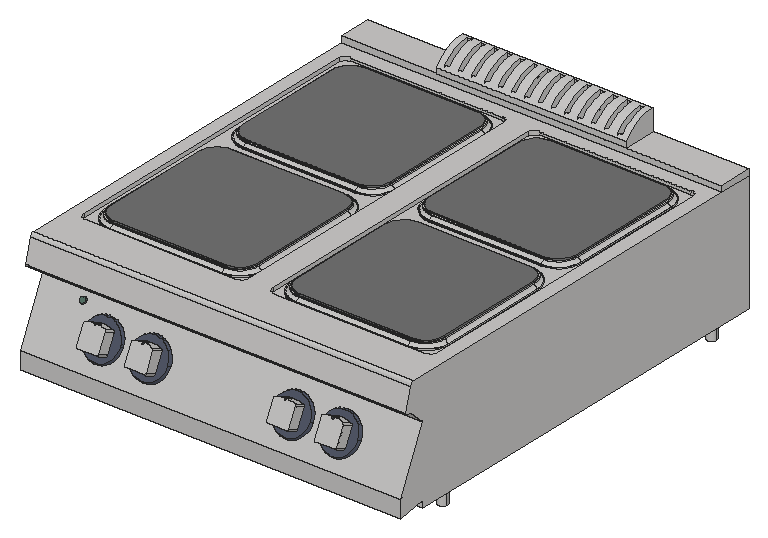
Revit family "QF_ZANUSSI_392040_Z9ECEH4Q00", category Specialty Equipment, Revit 2018 (continued)
Lines and regions (mm)
  symbolic lines
    curve 269: line (651.05, -900, 0) -> (651.05, -905.671, 0)
    curve 270: line (651.05, -905.671, 0) -> (649.05, -905.671, 0)
    curve 271: line (649.05, -905.671, 0) -> (649.05, -900, 0)
    curve 272: line (627.05, -900, 0) -> (627.05, -924.347, 0)
    curve 273: arc (627.05, -924.347, 0) -> (627.196, -924.811, 0) -> (627.582, -925.107, 0) r 0.809
    curve 274: arc (627.582, -925.107, 0) -> (628.77, -925.587, 0) -> (630.047, -925.68, 0) r 4.127
    curve 275: arc (627.05, -904.292, 0) -> (622.009, -902.458, 0) -> (617.241, -900, 0) r 42.24
    curve 276: arc (627.05, -906.539, 0) -> (627.552, -905.818, 0) -> (628.349, -905.448, 0) r 1.682
    curve 277: arc (628.349, -905.448, 0) -> (638.652, -903.95, 0) -> (649.05, -903.441, 0) r 109.079
    curve 278: line (670.053, -925.68, 0) -> (630.047, -925.68, 0)
    curve 279: line (573.05, -915, 0) -> (627.05, -915, 0)
    curve 280: line (673.05, -915, 0) -> (800.1, -915, 0)
Dimensions and locks
  equal spacing: plane 3 "LEFT", plane 7 "Center Y", plane 4 "RIGHT"
  "Width": plane 3 "LEFT" to plane 4 "RIGHT"
  equal spacing: plane 5 "FRONT", plane 8 "Center X", plane 1 "BACK"
  "Depth": plane 5 "FRONT" to plane 1 "BACK"
  "Height": plane 6 "TOP" to level
  "Base Height": plane 9 "BASE" to level
  plane 1 "BACK" to plane 5 "FRONT" = 915 mm
  plane 10 "TOP A" to plane 9 "BASE" = 250 mm  (x2)
  plane 6 "TOP" to plane 2 = 332 mm
  plane 12 to plane 11 to plane 13 to plane 1 "BACK" = 125 mm, 708 mm, 82 mm
  plane 5 "FRONT" to plane 1 "BACK" = 915 mm
  plane 9 "BASE" to plane 2 = 24 mm
  plane 15 to plane 1 "BACK" = 583 mm
  plane 14 to plane 1 "BACK" = 609 mm
  plane 6 "TOP" to plane 10 "TOP A" = 58 mm
  plane 12 to plane 16 = 15 mm
  plane 16 to curve 7 = 103.115 mm
  aligned and locked: level to plane 2
Automatic sketch dimensions
  plane 5 "FRONT" to curve 3 = 0 mm
  plane 5 "FRONT" to curve 1 = 0 mm
  plane 7 "Center Y" to curve 95 = 9.346 mm
  curve 93 to curve 95 = 9.296 mm
  curve 99 to curve 93 = 18.668 mm
  curve 98 to curve 98 = 9.296 mm
  plane 1 "BACK" to curve 104 = 6.761 mm
  curve 104 to curve 97 = 18.693 mm
  curve 101 to curve 103 = 9.296 mm
  plane 1 "BACK" to curve 108 = 6.761 mm
  curve 108 to curve 101 = 18.693 mm
  curve 105 to curve 107 = 9.296 mm
  plane 1 "BACK" to curve 112 = 6.761 mm
  curve 112 to curve 105 = 18.693 mm
  curve 109 to curve 111 = 9.296 mm
  plane 1 "BACK" to curve 115 = 6.761 mm
  curve 115 to curve 109 = 18.693 mm
  curve 113 to curve 115 = 9.296 mm
  plane 1 "BACK" to curve 67 = 6.761 mm
  curve 67 to curve 113 = 18.693 mm
  curve 65 to curve 66 = 9.296 mm
  plane 4 "RIGHT" to curve 2 = 100.019 mm
  curve 90 to plane 7 "Center Y" = 9.346 mm
  curve 89 to curve 92 = 9.296 mm
  plane 1 "BACK" to curve 85 = 6.761 mm
  curve 91 to curve 85 = 18.693 mm
  curve 85 to curve 86 = 9.296 mm
  plane 1 "BACK" to curve 84 = 6.761 mm
  curve 87 to curve 84 = 18.693 mm
  curve 81 to curve 83 = 9.296 mm
  plane 1 "BACK" to curve 80 = 6.761 mm
  curve 83 to curve 80 = 18.693 mm
  curve 77 to curve 79 = 9.296 mm
  plane 1 "BACK" to curve 73 = 6.761 mm
  curve 79 to curve 73 = 18.693 mm
  curve 73 to curve 74 = 9.296 mm
  plane 1 "BACK" to curve 69 = 6.761 mm
  curve 75 to curve 69 = 18.693 mm
  curve 69 to curve 70 = 9.296 mm
  plane 1 "BACK" to curve 64 = 6.761 mm
  curve 71 to curve 64 = 18.693 mm
  curve 61 to curve 63 = 9.296 mm
  curve 1 to plane 3 "LEFT" = 100.019 mm
  curve 1 to plane 1 "BACK" = 100.019 mm
  plane 1 "BACK" to curve 100 = 6.761 mm
  plane 1 "BACK" to curve 96 = 6.761 mm
  plane 1 "BACK" to curve 92 = 6.761 mm
  plane 13 to curve 87 = 18.089 mm
  plane 13 to curve 83 = 18.089 mm
  plane 13 to curve 89 = 18.089 mm
  plane 13 to curve 79 = 18.089 mm
  plane 13 to curve 93 = 18.089 mm
  plane 13 to curve 75 = 18.089 mm
  plane 13 to curve 97 = 18.089 mm
  plane 13 to curve 71 = 18.089 mm
  plane 13 to curve 101 = 18.089 mm
  plane 13 to curve 67 = 18.089 mm
  plane 13 to curve 105 = 18.089 mm
  plane 13 to curve 63 = 18.089 mm
  plane 13 to curve 109 = 18.089 mm
  plane 13 to curve 115 = 18.089 mm
  curve 117 to curve 65 = 13.453 mm
  curve 62 to curve 117 = 13.428 mm
  plane 13 to curve 117 = 12.15 mm
  Extrusion 1 sketch curve to plane 5 "FRONT" = 0 mm
  Extrusion 1 sketch curve to plane 10 "TOP A" = 0 mm
  Extrusion 1 sketch curve to plane 1 "BACK" = 0 mm
  plane 16 to Extrusion 1 sketch curve = 0.116 mm
  Extrusion 1 sketch curve to Extrusion 1 sketch curve = 2.884 mm
  Extrusion 1 sketch curve to plane 10 "TOP A" = 7.474 mm
  plane 16 to Extrusion 1 sketch curve = 13.167 mm
  Extrusion 1 sketch curve to Extrusion 1 sketch curve = 10.198 mm
  plane 9 "BASE" to Extrusion 1 sketch curve = 13.428 mm
  plane 16 to Extrusion 1 sketch curve = 41.355 mm
  Extrusion 1 sketch curve to Extrusion 1 sketch curve = 0.445 mm
  Extrusion 1 sketch curve to Extrusion 1 sketch curve = 3.2 mm
  Extrusion 1 sketch curve to Extrusion 1 sketch curve = 31.82 mm
  plane 9 "BASE" to Extrusion 1 sketch curve = 5.508 mm
  Extrusion 1 sketch curve to Extrusion 1 sketch curve = 35 mm
  Extrusion 1 sketch curve to Extrusion 1 sketch curve = 81.162 mm
  Extrusion 1 sketch curve to Extrusion 1 sketch curve = 49.342 mm
  Extrusion 1 sketch curve to Extrusion 1 sketch curve = 3 mm
  Extrusion 2 sketch curve to plane 4 "RIGHT" = 27.5 mm
  Extrusion 2 sketch curve to Extrusion 2 sketch curve = 15 mm  (x5)
  plane 11 to Extrusion 2 sketch curve = 6.885 mm  (x2)
  Extrusion 2 sketch curve to plane 11 = 8.115 mm  (x3)
  plane 7 "Center Y" to Extrusion 2 sketch curve = 40.249 mm
  Extrusion 2 sketch curve to plane 13 = 15.534 mm  (x2)
  Extrusion 2 sketch curve to plane 7 "Center Y" = 25.249 mm
  plane 3 "LEFT" to Extrusion 2 sketch curve = 42.5 mm
  plane 11 to Extrusion 3 sketch curve = 0 mm  (x2)
  Extrusion 3 sketch curve to plane 13 = 0 mm  (x2)
  plane 3 "LEFT" to Extrusion 3 sketch curve = 11.112 mm  (x2)
  Extrusion 3 sketch curve to plane 4 "RIGHT" = 11.113 mm  (x2)
  plane 5 "FRONT" to Extrusion 4 sketch curve = 0 mm  (x2)
  Extrusion 4 sketch curve to plane 3 "LEFT" = 0 mm
  Extrusion 4 sketch curve to plane 4 "RIGHT" = 0 mm
  plane 1 "BACK" to Extrusion 4 sketch curve = 0 mm
  Extrusion 4 sketch curve to plane 3 "LEFT" = 100.019 mm
  plane 4 "RIGHT" to Extrusion 4 sketch curve = 100.019 mm
  Extrusion 4 sketch curve to plane 1 "BACK" = 100.019 mm
  curve 6 to Extrusion 2 = 0 mm
  curve 5 to Extrusion 2 = 0 mm
  Extrusion 2 to curve 7 = 0 mm
  curve 4 to Extrusion 2 = 0 mm
  curve 5 to Extrusion 2 = 15 mm  (x2)
  curve 7 to Extrusion 2 = 15 mm  (x2)
  curve 4 to Extrusion 2 = 15 mm  (x2)
  curve 6 to Extrusion 2 = 15 mm  (x2)
  Extrusion 5 sketch curve to Extrusion 2 = 19.225 mm  (x4)
  Extrusion 5 sketch curve to Extrusion 2 = 16.885 mm  (x2)
  Extrusion 5 sketch curve to Extrusion 5 sketch curve = 40 mm  (x7)
  Extrusion 5 sketch curve to Extrusion 2 = 53.026 mm  (x4)
  Extrusion 5 sketch curve to Extrusion 2 = 13.026 mm  (x4)
  Extrusion 5 sketch curve to Extrusion 5 sketch curve = 0 mm
  Extrusion 5 sketch curve to Extrusion 2 = 59.225 mm  (x4)
  Extrusion 5 sketch curve to Extrusion 5 sketch curve = 235 mm  (x2)
  Extrusion 5 sketch curve to Extrusion 5 sketch curve = 35.581 mm  (x2)
  Extrusion 5 sketch curve to Extrusion 2 = 56.885 mm  (x2)
  Sweep 6 sketch curve to Extrusion 5 = 40 mm  (x2)
  profile plane to Sweep 6 sketch curve = 0 mm
  profile plane to Sweep 6 sketch curve = 6.35 mm
  Sweep 6 sketch curve to Sweep 6 sketch curve = 1.714 mm
  profile plane to Sweep 6 sketch curve = 4.181 mm
  profile plane to Sweep 6 sketch curve = 12.291 mm
  Sweep 6 sketch curve to profile plane = 1.759 mm
  Sweep 6 sketch curve to Sweep 6 sketch curve = 1.891 mm
  Sweep 7 sketch curve to Extrusion 5 = 40 mm
  Sweep 7 sketch curve to Sweep 7 sketch curve = 40 mm
  profile plane to Sweep 7 sketch curve = 0 mm
  profile plane to Sweep 7 sketch curve = 6.35 mm
  Sweep 7 sketch curve to Sweep 7 sketch curve = 1.714 mm
  profile plane to Sweep 7 sketch curve = 4.181 mm
  profile plane to Sweep 7 sketch curve = 12.291 mm
  Sweep 7 sketch curve to profile plane = 1.759 mm
  Sweep 7 sketch curve to Sweep 7 sketch curve = 1.891 mm
  Extrusion 8 sketch curve to Extrusion 5 = 40 mm  (x4)
  Extrusion 8 sketch curve to Extrusion 8 sketch curve = 37 mm  (x4)
  Extrusion 9 sketch curve to plane 14 = 0 mm
  Extrusion 9 sketch curve to plane 4 "RIGHT" = 151 mm
  Extrusion 10 sketch curve to plane 15 = 0 mm
  Extrusion 10 sketch curve to plane 4 "RIGHT" = 61 mm
  Extrusion 11 sketch curve to plane 1 "BACK" = 0 mm
  plane 1 "BACK" to Extrusion 11 sketch curve = 1.769 mm
  plane 13 to Extrusion 11 sketch curve = 12.15 mm
  Extrusion 11 sketch curve to plane 10 "TOP A" = 28.335 mm
  plane 10 "TOP A" to Extrusion 11 sketch curve = 12.778 mm
  Extrusion 11 sketch curve to Extrusion 11 sketch curve = 11.622 mm
  plane 1 "BACK" to Extrusion 12 sketch curve = 6.761 mm
  Extrusion 12 sketch curve to plane 7 "Center Y" = 177.251 mm
  Extrusion 12 sketch curve to Extrusion 12 sketch curve = 9.296 mm
  plane 13 to Extrusion 12 sketch curve = 18.089 mm
  Extrusion 13 sketch curve to plane 1 "BACK" = 6.761 mm
  Extrusion 13 sketch curve to plane 7 "Center Y" = 177.251 mm
  Extrusion 13 sketch curve to Extrusion 13 sketch curve = 9.296 mm
  Extrusion 13 sketch curve to plane 13 = 18.089 mm
  plane 1 "BACK" to Extrusion 14 sketch curve = 6.761 mm
  Extrusion 14 sketch curve to plane 7 "Center Y" = 149.263 mm
  Extrusion 14 sketch curve to Extrusion 14 sketch curve = 9.296 mm
  plane 13 to Extrusion 14 sketch curve = 18.089 mm
  plane 1 "BACK" to Extrusion 15 sketch curve = 6.761 mm
  Extrusion 15 sketch curve to plane 7 "Center Y" = 121.275 mm
  Extrusion 15 sketch curve to Extrusion 15 sketch curve = 9.296 mm
  plane 13 to Extrusion 15 sketch curve = 18.089 mm
  plane 1 "BACK" to Extrusion 16 sketch curve = 6.761 mm
  Extrusion 16 sketch curve to plane 7 "Center Y" = 93.311 mm
  Extrusion 16 sketch curve to Extrusion 16 sketch curve = 9.296 mm
  plane 13 to Extrusion 16 sketch curve = 18.089 mm
  plane 1 "BACK" to Extrusion 17 sketch curve = 6.761 mm
  Extrusion 17 sketch curve to plane 7 "Center Y" = 65.323 mm
  Extrusion 17 sketch curve to Extrusion 17 sketch curve = 9.296 mm
  plane 13 to Extrusion 17 sketch curve = 18.089 mm
  plane 1 "BACK" to Extrusion 18 sketch curve = 6.761 mm
  Extrusion 18 sketch curve to plane 7 "Center Y" = 37.335 mm
  Extrusion 18 sketch curve to Extrusion 18 sketch curve = 9.296 mm
  plane 13 to Extrusion 18 sketch curve = 18.089 mm
  Extrusion 19 sketch curve to plane 7 "Center Y" = 9.346 mm
  Extrusion 19 sketch curve to Extrusion 19 sketch curve = 9.296 mm
  plane 1 "BACK" to Extrusion 19 sketch curve = 6.761 mm
  plane 13 to Extrusion 19 sketch curve = 18.089 mm
  plane 1 "BACK" to Extrusion 20 sketch curve = 6.761 mm
  plane 7 "Center Y" to Extrusion 20 sketch curve = 18.642 mm
  Extrusion 20 sketch curve to Extrusion 20 sketch curve = 9.296 mm
  plane 13 to Extrusion 20 sketch curve = 18.089 mm
  plane 1 "BACK" to Extrusion 21 sketch curve = 6.761 mm
  plane 7 "Center Y" to Extrusion 21 sketch curve = 46.63 mm
  Extrusion 21 sketch curve to Extrusion 21 sketch curve = 9.296 mm
  plane 13 to Extrusion 21 sketch curve = 18.089 mm
  plane 1 "BACK" to Extrusion 22 sketch curve = 6.761 mm
  plane 7 "Center Y" to Extrusion 22 sketch curve = 74.619 mm
  Extrusion 22 sketch curve to Extrusion 22 sketch curve = 9.296 mm
  plane 13 to Extrusion 22 sketch curve = 18.089 mm
  plane 1 "BACK" to Extrusion 23 sketch curve = 6.761 mm
  plane 7 "Center Y" to Extrusion 23 sketch curve = 102.582 mm
  Extrusion 23 sketch curve to Extrusion 23 sketch curve = 9.296 mm
  plane 13 to Extrusion 23 sketch curve = 18.089 mm
  plane 1 "BACK" to Extrusion 24 sketch curve = 6.761 mm
  plane 7 "Center Y" to Extrusion 24 sketch curve = 130.57 mm
  Extrusion 24 sketch curve to Extrusion 24 sketch curve = 9.296 mm
  plane 13 to Extrusion 24 sketch curve = 18.089 mm
  plane 1 "BACK" to Extrusion 25 sketch curve = 6.761 mm
  plane 7 "Center Y" to Extrusion 25 sketch curve = 158.559 mm
  Extrusion 25 sketch curve to Extrusion 25 sketch curve = 9.296 mm
  plane 13 to Extrusion 25 sketch curve = 18.089 mm
  Sweep 26 sketch curve to Extrusion 5 = 40 mm  (x2)
  profile plane to Sweep 26 sketch curve = 0 mm
  Sweep 26 sketch curve to profile plane = 6.35 mm
  Sweep 26 sketch curve to Sweep 26 sketch curve = 1.714 mm
  profile plane to Sweep 26 sketch curve = 4.181 mm
  Sweep 26 sketch curve to profile plane = 12.291 mm
  Sweep 26 sketch curve to profile plane = 1.759 mm
  Sweep 26 sketch curve to Sweep 26 sketch curve = 1.891 mm
  Sweep 27 sketch curve to Extrusion 5 = 40 mm  (x2)
  profile plane to Sweep 27 sketch curve = 0 mm
  Sweep 27 sketch curve to profile plane = 6.35 mm
  Sweep 27 sketch curve to Sweep 27 sketch curve = 1.714 mm
  profile plane to Sweep 27 sketch curve = 4.181 mm
  Sweep 27 sketch curve to profile plane = 12.291 mm
  Sweep 27 sketch curve to profile plane = 1.759 mm
  Sweep 27 sketch curve to Sweep 27 sketch curve = 1.891 mm
  Extrusion 28 sketch curve to Extrusion 1 = 0 mm  (x2)
  Extrusion 1 to Extrusion 28 sketch curve = 12.778 mm
  Extrusion 29 sketch curve to plane 7 "Center Y" = 173 mm
  Extrusion 29 sketch curve to Extrusion 29 sketch curve = 2.997 mm  (x3)
  Extrusion 29 sketch curve to Extrusion 29 sketch curve = 20.003 mm  (x2)
  Extrusion 29 sketch curve to Extrusion 29 sketch curve = 40.005 mm
  Extrusion 29 sketch curve to Extrusion 29 sketch curve = 5.399 mm
  Extrusion 29 sketch curve to Extrusion 29 sketch curve = 40.037 mm
  Extrusion 29 sketch curve to Extrusion 29 sketch curve = 0 mm  (x2)
  Extrusion 30 sketch curve to plane 16 = 5.671 mm
  Extrusion 30 sketch curve to plane 10 "TOP A" = 112.016 mm
  Extrusion 30 sketch curve to Extrusion 30 sketch curve = 3 mm
  Extrusion 30 sketch curve to Extrusion 30 sketch curve = 0 mm  (x2)
  Extrusion 30 sketch curve to Extrusion 30 sketch curve = 1 mm
  Extrusion 30 sketch curve to Extrusion 30 sketch curve = 15 mm
  plane 3 "LEFT" to Extrusion 31 sketch curve = 91.179 mm
  Extrusion 32 sketch curve to plane 7 "Center Y" = 167.5 mm
  Extrusion 32 sketch curve to Extrusion 32 sketch curve = 35 mm  (x2)
  plane 3 "LEFT" to Extrusion 33 sketch curve = 127 mm
  Extrusion 33 sketch curve to Extrusion 33 sketch curve = 2.997 mm  (x3)
  Extrusion 33 sketch curve to Extrusion 33 sketch curve = 20.003 mm  (x2)
  Extrusion 33 sketch curve to Extrusion 33 sketch curve = 40.005 mm
  Extrusion 33 sketch curve to Extrusion 33 sketch curve = 5.399 mm
  Extrusion 33 sketch curve to Extrusion 33 sketch curve = 40.037 mm
  Extrusion 33 sketch curve to Extrusion 33 sketch curve = 0 mm  (x2)
  plane 3 "LEFT" to Extrusion 34 sketch curve = 132.5 mm
  Extrusion 34 sketch curve to Extrusion 34 sketch curve = 35 mm  (x2)
  Extrusion 35 sketch curve to plane 16 = 5.671 mm
  Extrusion 35 sketch curve to plane 10 "TOP A" = 112.016 mm
  Extrusion 35 sketch curve to Extrusion 35 sketch curve = 3 mm
  Extrusion 35 sketch curve to Extrusion 35 sketch curve = 0 mm
  Extrusion 35 sketch curve to Extrusion 35 sketch curve = 1 mm  (x2)
  Extrusion 35 sketch curve to Extrusion 35 sketch curve = 15 mm
  Blend 36 sketch curve to plane 7 "Center Y" = 150 mm  (x2)
  Split face 1 sketch curve to Split face 1 sketch curve = 6 mm
  Split face 1 sketch curve to Split face 1 sketch curve = 10 mm
  Split face 2 sketch curve to Split face 2 sketch curve = 5 mm
  Split face 2 sketch curve to Split face 2 sketch curve = 9 mm
  Split face 3 sketch curve to Split face 3 sketch curve = 5 mm
  Split face 4 sketch curve to Split face 4 sketch curve = 5 mm
  plane 3 "LEFT" to Blend 37 sketch curve = 150 mm  (x2)
  Split face 8 sketch curve to Split face 8 sketch curve = 6 mm
  Split face 8 sketch curve to Split face 8 sketch curve = 10 mm
  Split face 9 sketch curve to Split face 9 sketch curve = 5 mm
  Split face 9 sketch curve to Split face 9 sketch curve = 9 mm
  Split face 10 sketch curve to Split face 10 sketch curve = 5 mm
  Split face 11 sketch curve to Split face 11 sketch curve = 5 mm
  Extrusion 38 sketch curve to plane 4 "RIGHT" = 173 mm
  Extrusion 38 sketch curve to Extrusion 38 sketch curve = 2.997 mm  (x3)
  Extrusion 38 sketch curve to Extrusion 38 sketch curve = 20.003 mm  (x2)
  Extrusion 38 sketch curve to Extrusion 38 sketch curve = 40.005 mm
  Extrusion 38 sketch curve to Extrusion 38 sketch curve = 5.399 mm
  Extrusion 38 sketch curve to Extrusion 38 sketch curve = 40.037 mm
  Extrusion 38 sketch curve to Extrusion 38 sketch curve = 0 mm  (x2)
  Extrusion 39 sketch curve to plane 16 = 5.671 mm
  Extrusion 39 sketch curve to plane 10 "TOP A" = 112.016 mm
  Extrusion 39 sketch curve to Extrusion 39 sketch curve = 3 mm
  Extrusion 39 sketch curve to Extrusion 39 sketch curve = 0 mm  (x2)
  Extrusion 39 sketch curve to Extrusion 39 sketch curve = 1 mm
  Extrusion 39 sketch curve to Extrusion 39 sketch curve = 15 mm
  Extrusion 40 sketch curve to plane 4 "RIGHT" = 167.5 mm
  Extrusion 40 sketch curve to Extrusion 40 sketch curve = 35 mm  (x2)
  plane 7 "Center Y" to Extrusion 41 sketch curve = 127 mm
  Extrusion 41 sketch curve to Extrusion 41 sketch curve = 2.997 mm  (x3)
  Extrusion 41 sketch curve to Extrusion 41 sketch curve = 20.003 mm  (x2)
  Extrusion 41 sketch curve to Extrusion 41 sketch curve = 40.005 mm
  Extrusion 41 sketch curve to Extrusion 41 sketch curve = 5.399 mm
  Extrusion 41 sketch curve to Extrusion 41 sketch curve = 40.037 mm
  Extrusion 41 sketch curve to Extrusion 41 sketch curve = 0 mm  (x2)
  plane 7 "Center Y" to Extrusion 42 sketch curve = 132.5 mm
  Extrusion 42 sketch curve to Extrusion 42 sketch curve = 35 mm  (x2)
  Extrusion 43 sketch curve to plane 16 = 5.671 mm
  Extrusion 43 sketch curve to plane 10 "TOP A" = 112.016 mm
  Extrusion 43 sketch curve to Extrusion 43 sketch curve = 3 mm
  Extrusion 43 sketch curve to Extrusion 43 sketch curve = 0 mm
  Extrusion 43 sketch curve to Extrusion 43 sketch curve = 1 mm  (x2)
  Extrusion 43 sketch curve to Extrusion 43 sketch curve = 15 mm
  Blend 44 sketch curve to plane 4 "RIGHT" = 150 mm  (x2)
  Split face 25 sketch curve to Split face 25 sketch curve = 6 mm
  Split face 25 sketch curve to Split face 25 sketch curve = 10 mm
  Split face 26 sketch curve to Split face 26 sketch curve = 5 mm
  Split face 26 sketch curve to Split face 26 sketch curve = 9 mm
  Split face 27 sketch curve to Split face 27 sketch curve = 5 mm
  Split face 28 sketch curve to Split face 28 sketch curve = 5 mm
  plane 7 "Center Y" to Blend 45 sketch curve = 150 mm  (x2)
  Split face 32 sketch curve to Split face 32 sketch curve = 6 mm
  Split face 32 sketch curve to Split face 32 sketch curve = 10 mm
  Split face 33 sketch curve to Split face 33 sketch curve = 5 mm
  Split face 33 sketch curve to Split face 33 sketch curve = 9 mm
  Split face 34 sketch curve to Split face 34 sketch curve = 5 mm
  Split face 35 sketch curve to Split face 35 sketch curve = 5 mm
  curve 12 to curve 20 = 0 mm  (x2)
  curve 12 to curve 28 = 0 mm  (x2)
  curve 12 to curve 36 = 0 mm  (x2)
  curve 14 to curve 22 = 0 mm  (x2)
  curve 14 to curve 34 = 0 mm  (x2)
  curve 14 to curve 38 = 0 mm  (x2)
  curve 16 to curve 24 = 0 mm  (x2)
  curve 16 to curve 32 = 0 mm  (x2)
  curve 16 to curve 40 = 0 mm  (x2)
  curve 18 to curve 26 = 0 mm  (x2)
  curve 18 to curve 30 = 0 mm  (x2)
  curve 18 to curve 42 = 0 mm  (x2)
  curve 20 to curve 28 = 0 mm  (x2)
  curve 20 to curve 36 = 0 mm  (x2)
  curve 22 to curve 34 = 0 mm  (x2)
  curve 22 to curve 38 = 0 mm  (x2)
  curve 24 to curve 32 = 0 mm  (x2)
  curve 24 to curve 40 = 0 mm  (x2)
  curve 26 to curve 30 = 0 mm  (x2)
  curve 26 to curve 42 = 0 mm  (x2)
  curve 28 to curve 36 = 0 mm  (x2)
  curve 30 to curve 42 = 0 mm  (x2)
  curve 32 to curve 40 = 0 mm  (x2)
  curve 34 to curve 38 = 0 mm  (x2)
  curve 44 to curve 52 = 0 mm  (x2)
  curve 44 to curve 159 = 0 mm  (x2)
  curve 44 to curve 161 = 0 mm  (x2)
  curve 46 to curve 54 = 0 mm  (x2)
  curve 46 to curve 157 = 0 mm  (x2)
  curve 46 to curve 163 = 0 mm  (x2)
  curve 48 to curve 56 = 0 mm  (x2)
  curve 48 to curve 155 = 0 mm  (x2)
  curve 48 to curve 165 = 0 mm  (x2)
  curve 50 to curve 58 = 0 mm  (x2)
  curve 50 to curve 153 = 0 mm  (x2)
  curve 50 to curve 167 = 0 mm  (x2)
  curve 52 to curve 159 = 0 mm  (x2)
  curve 52 to curve 161 = 0 mm  (x2)
  curve 54 to curve 157 = 0 mm  (x2)
  curve 54 to curve 163 = 0 mm  (x2)
  curve 56 to curve 155 = 0 mm  (x2)
  curve 56 to curve 165 = 0 mm  (x2)
  curve 58 to curve 153 = 0 mm  (x2)
  curve 58 to curve 167 = 0 mm  (x2)
  curve 120 to curve 128 = 0 mm  (x2)
  curve 120 to curve 136 = 0 mm  (x2)
  curve 120 to curve 144 = 0 mm  (x2)
  curve 122 to curve 130 = 0 mm  (x2)
  curve 122 to curve 142 = 0 mm  (x2)
  curve 122 to curve 146 = 0 mm  (x2)
  curve 124 to curve 132 = 0 mm  (x2)
  curve 124 to curve 140 = 0 mm  (x2)
  curve 124 to curve 148 = 0 mm  (x2)
  curve 126 to curve 134 = 0 mm  (x2)
  curve 126 to curve 138 = 0 mm  (x2)
  curve 126 to curve 150 = 0 mm  (x2)
  curve 128 to curve 136 = 0 mm  (x2)
  curve 128 to curve 144 = 0 mm  (x2)
  curve 130 to curve 142 = 0 mm  (x2)
  curve 130 to curve 146 = 0 mm  (x2)
  curve 132 to curve 140 = 0 mm  (x2)
  curve 132 to curve 148 = 0 mm  (x2)
  curve 134 to curve 138 = 0 mm  (x2)
  curve 134 to curve 150 = 0 mm  (x2)
  curve 136 to curve 144 = 0 mm  (x2)
  curve 138 to curve 150 = 0 mm  (x2)
  curve 140 to curve 148 = 0 mm  (x2)
  curve 142 to curve 146 = 0 mm  (x2)
  curve 153 to curve 167 = 0 mm  (x2)
  curve 155 to curve 165 = 0 mm  (x2)
  curve 157 to curve 163 = 0 mm  (x2)
  curve 159 to curve 161 = 0 mm  (x2)
  curve 168 to curve 183 = 0 mm  (x2)
  curve 168 to curve 184 = 0 mm  (x2)
  curve 168 to curve 199 = 0 mm  (x2)
  curve 170 to curve 177 = 0 mm  (x2)
  curve 170 to curve 186 = 0 mm  (x2)
  curve 170 to curve 197 = 0 mm  (x2)
  curve 172 to curve 179 = 0 mm  (x2)
  curve 172 to curve 188 = 0 mm  (x2)
  curve 172 to curve 195 = 0 mm  (x2)
  curve 174 to curve 181 = 0 mm  (x2)
  curve 174 to curve 190 = 0 mm  (x2)
  curve 174 to curve 193 = 0 mm  (x2)
  curve 177 to curve 186 = 0 mm  (x2)
  curve 177 to curve 197 = 0 mm  (x2)
  curve 179 to curve 188 = 0 mm  (x2)
  curve 179 to curve 195 = 0 mm  (x2)
  curve 181 to curve 190 = 0 mm  (x2)
  curve 181 to curve 193 = 0 mm  (x2)
  curve 183 to curve 184 = 0 mm  (x2)
  curve 183 to curve 199 = 0 mm  (x2)
  curve 184 to curve 199 = 0 mm  (x2)
  curve 186 to curve 197 = 0 mm  (x2)
  curve 188 to curve 195 = 0 mm  (x2)
  curve 190 to curve 193 = 0 mm  (x2)
  plane 1 "BACK" to curve 209 = 0 mm
  curve 209 to plane 4 "RIGHT" = 0 mm
  curve 182 to plane 8 "Center X" = 0 mm
  curve 51 to plane 8 "Center X" = 0 mm
  curve 209 to plane 3 "LEFT" = 0 mm
  plane 5 "FRONT" to curve 208 = 0 mm
  plane 5 "FRONT" to curve 60 = 0 mm
  curve 206 to plane 4 "RIGHT" = 27.5 mm
  curve 145 to plane 4 "RIGHT" = 38.661 mm
  curve 189 to plane 4 "RIGHT" = 38.661 mm
  curve 190 to curve 194 = 1.714 mm
  curve 144 to curve 143 = 1.714 mm
  curve 206 to curve 207 = 15 mm
  curve 204 to plane 13 = 15.534 mm
  curve 205 to curve 204 = 15 mm
  curve 193 to curve 180 = 6.35 mm
  curve 142 to curve 129 = 6.35 mm
  curve 179 to curve 173 = 3 mm
  curve 128 to curve 121 = 3 mm
  curve 174 to curve 190 = 37 mm
  curve 121 to curve 130 = 37 mm
  curve 120 to curve 128 = 37 mm
  curve 172 to curve 179 = 37 mm
  plane 7 "Center Y" to curve 150 = 78.275 mm
  plane 7 "Center Y" to curve 168 = 78.275 mm
  curve 141 to curve 184 = 0 mm
  plane 7 "Center Y" to curve 170 = 78.275 mm
  curve 168 to curve 169 = 37 mm
  curve 126 to curve 125 = 37 mm
  plane 11 to curve 200 = 6.885 mm
  curve 187 to curve 200 = 38.026 mm
  curve 134 to curve 203 = 38.026 mm
  curve 203 to curve 202 = 15 mm
  curve 41 to plane 7 "Center Y" = 30.211 mm
  curve 166 to plane 7 "Center Y" = 30.211 mm
  curve 41 to curve 31 = 1.714 mm
  curve 166 to curve 154 = 1.714 mm
  curve 31 to curve 25 = 6.35 mm
  curve 154 to curve 49 = 6.35 mm
  curve 9 to plane 7 "Center Y" = 40.249 mm
  curve 10 to plane 11 = 8.115 mm
  curve 10 to plane 7 "Center Y" = 40.249 mm
  curve 25 to curve 17 = 3 mm
  curve 49 to curve 57 = 3 mm
  curve 9 to curve 43 = 38.026 mm
  curve 57 to curve 155 = 37 mm
  curve 17 to curve 16 = 37 mm
  curve 51 to curve 39 = 0 mm
  plane 8 "Center X" to curve 33 = 29.231 mm
  plane 3 "LEFT" to curve 33 = 86.725 mm
  curve 59 to curve 38 = 0 mm
  curve 55 to plane 11 = 13 mm
  plane 3 "LEFT" to curve 55 = 86.725 mm
  plane 3 "LEFT" to curve 36 = 86.725 mm
  curve 12 to curve 13 = 37 mm
  curve 44 to curve 53 = 37 mm
  curve 11 to plane 11 = 8.115 mm
  curve 11 to curve 157 = 2.125 mm
  curve 8 to curve 28 = 2.125 mm
  curve 43 to plane 13 = 24.355 mm
  curve 151 to plane 13 = 24.355 mm
  curve 8 to plane 13 = 30.534 mm
  curve 9 to plane 13 = 30.534 mm
  curve 40 to curve 149 = 0 mm
  curve 172 to plane 11 = 50 mm
  plane 13 to curve 119 = 12.15 mm
  curve 144 to curve 119 = 113.275 mm
  curve 9 to curve 9 = 15 mm
  curve 10 to curve 10 = 15 mm
  curve 118 to curve 43 = 113.275 mm
  curve 8 to curve 8 = 15 mm
  curve 11 to curve 11 = 15 mm
  curve 246 to plane 3 "LEFT" = 0 mm
  curve 211 to plane 3 "LEFT" = 0 mm
  plane 3 "LEFT" to curve 212 = 127 mm
  curve 213 to curve 213 = 0.809 mm
  curve 216 to curve 216 = 1.583 mm
  curve 213 to curve 214 = 1.846 mm
  curve 213 to curve 227 = 2.189 mm
  curve 212 to curve 215 = 11.892 mm
  curve 216 to curve 218 = 20.417 mm
  curve 227 to curve 217 = 19.134 mm
  curve 217 to curve 226 = 1.738 mm
  curve 218 to curve 219 = 2 mm
  curve 215 to curve 224 = 22.215 mm
  curve 219 to curve 227 = 19.003 mm
  curve 223 to curve 223 = 0.343 mm
  curve 223 to curve 225 = 1.071 mm
  curve 223 to curve 222 = 2.189 mm
  curve 222 to curve 221 = 0.809 mm
  curve 221 to curve 237 = 54 mm
  curve 238 to curve 238 = 0.809 mm
  curve 241 to curve 241 = 1.583 mm
  curve 238 to curve 239 = 1.846 mm
  curve 238 to curve 243 = 2.189 mm
  curve 237 to curve 240 = 11.892 mm
  curve 241 to curve 235 = 20.417 mm
  curve 239 to curve 242 = 19.134 mm
  curve 242 to curve 233 = 1.738 mm
  curve 235 to curve 235 = 2 mm
  curve 240 to curve 231 = 22.215 mm
  curve 234 to curve 243 = 19.003 mm
  curve 230 to curve 230 = 0.343 mm
  curve 230 to curve 232 = 1.071 mm
  curve 230 to curve 229 = 2.189 mm
  curve 229 to curve 228 = 0.809 mm
  plane 7 "Center Y" to curve 211 = 400 mm
  plane 7 "Center Y" to curve 247 = 127.05 mm
  curve 248 to curve 248 = 0.809 mm
  curve 251 to curve 251 = 1.583 mm
  curve 248 to curve 249 = 1.846 mm
  curve 248 to curve 262 = 2.189 mm
  curve 247 to curve 250 = 11.892 mm
  curve 251 to curve 253 = 20.417 mm
  curve 249 to curve 252 = 19.134 mm
  curve 252 to curve 261 = 1.738 mm
  curve 253 to curve 254 = 2 mm
  curve 254 to curve 262 = 19.003 mm
  curve 258 to curve 258 = 0.343 mm
  curve 258 to curve 260 = 1.071 mm
  curve 258 to curve 257 = 2.189 mm
  curve 257 to curve 256 = 0.809 mm
  curve 256 to curve 272 = 54 mm
  curve 272 to curve 273 = 0.809 mm
  curve 276 to curve 276 = 1.583 mm
  curve 273 to curve 274 = 1.846 mm
  curve 273 to curve 278 = 2.189 mm
  curve 272 to curve 275 = 11.892 mm
  curve 276 to curve 270 = 20.417 mm
  curve 274 to curve 277 = 19.134 mm
  curve 277 to curve 268 = 1.738 mm
  curve 270 to curve 270 = 2 mm
  curve 269 to curve 278 = 19.003 mm
  curve 278 to curve 265 = 0.343 mm
  curve 265 to curve 267 = 1.071 mm
  curve 278 to curve 264 = 2.189 mm
  curve 264 to curve 263 = 0.809 mm
  plane 5 "FRONT" to curve 268 = 97.519 mm
  curve 277 to curve 268 = 0 mm
  plane 5 "FRONT" to curve 217 = 97.519 mm
  curve 217 to curve 226 = 0 mm
  curve 226 to curve 242 = 0 mm
  curve 261 to curve 277 = 0 mm
  curve 252 to curve 261 = 0 mm
  curve 242 to curve 233 = 0 mm
  curve 226 to curve 227 = 86.839 mm
  curve 233 to curve 243 = 86.839 mm
  curve 278 to curve 273 = 1.333 mm
  curve 278 to curve 263 = 1.333 mm
  curve 230 to curve 228 = 1.333 mm
  curve 214 to curve 213 = 1.333 mm
  curve 239 to curve 238 = 1.333 mm
  curve 258 to curve 257 = 1.333 mm
  curve 223 to curve 222 = 1.333 mm
  curve 262 to curve 247 = 1.333 mm
  curve 248 to curve 249 = 2.779 mm
  curve 222 to curve 223 = 2.779 mm
  curve 213 to curve 214 = 2.779 mm
  curve 264 to curve 265 = 2.779 mm
  curve 273 to curve 274 = 2.779 mm
  curve 238 to curve 239 = 2.779 mm
  curve 229 to curve 230 = 2.779 mm
  curve 257 to curve 258 = 2.779 mm
  curve 214 to curve 216 = 14.462 mm
  curve 258 to curve 260 = 14.462 mm
  curve 223 to curve 225 = 14.462 mm
  curve 239 to curve 241 = 14.462 mm
  curve 245 to curve 232 = 7.894 mm
  curve 274 to curve 276 = 14.462 mm
  curve 276 to curve 271 = 1.435 mm
  curve 225 to curve 220 = 1.435 mm
  curve 232 to curve 234 = 1.435 mm
  curve 251 to curve 253 = 1.435 mm
  curve 250 to curve 259 = 0 mm
  curve 236 to curve 240 = 36.239 mm
  curve 240 to curve 231 = 0 mm
  curve 220 to curve 224 = 36.239 mm
  curve 215 to curve 224 = 0 mm
  curve 275 to curve 266 = 0 mm
  curve 215 to curve 212 = 9.809 mm
  curve 216 to curve 216 = 0.284 mm
  curve 225 to curve 226 = 0.284 mm
  curve 221 to curve 224 = 9.809 mm
  curve 240 to curve 237 = 9.809 mm
  curve 242 to curve 241 = 0.284 mm
  curve 232 to curve 233 = 0.284 mm
  curve 228 to curve 231 = 9.809 mm
  curve 250 to curve 247 = 9.809 mm
  curve 251 to curve 251 = 0.284 mm
  curve 260 to curve 260 = 0.284 mm
  curve 256 to curve 259 = 9.809 mm
  curve 275 to curve 272 = 9.809 mm
  curve 277 to curve 276 = 0.284 mm
  curve 267 to curve 267 = 0.284 mm
  curve 263 to curve 266 = 9.809 mm
  plane 4 "RIGHT" to curve 280 = 0.1 mm
  curve 265 to curve 280 = 6.567 mm
  curve 214 to curve 246 = 6.567 mm
  curve 274 to curve 279 = 6.567 mm
  curve 239 to curve 244 = 6.567 mm
  curve 216 to curve 216 = 0.567 mm
  curve 232 to curve 232 = 0.567 mm
  curve 241 to curve 241 = 0.567 mm
  curve 267 to curve 267 = 0.567 mm
  curve 225 to curve 225 = 0.567 mm
  curve 251 to curve 251 = 0.567 mm
  curve 260 to curve 260 = 0.567 mm
  curve 276 to curve 276 = 0.567 mm
  curve 268 to curve 266 = 39.68 mm
  curve 261 to curve 259 = 1.156 mm
  curve 267 to curve 266 = 1.156 mm
  curve 277 to curve 275 = 1.156 mm
  curve 251 to curve 250 = 1.156 mm
  curve 266 to curve 263 = 4.292 mm
  curve 275 to curve 272 = 4.292 mm
  curve 259 to curve 256 = 4.292 mm
  curve 250 to curve 247 = 4.292 mm
  curve 247 to curve 245 = 9.347 mm
  plane 9 "BASE" to Extrusion 1 sketch curve = 0 mm
  Extrusion 28 sketch curve to Extrusion 28 sketch curve = 69.85 mm
  radius of Extrusion 3 sketch curve = 9.525 mm  (x4)
  radius of Sweep 6 sketch curve to Extrusion 5 = 0 mm  (x2)
  radius of Sweep 7 sketch curve to Extrusion 5 = 0 mm  (x2)
  radius of Extrusion 8 sketch curve to Extrusion 5 = 3 mm  (x8)
  radius of Extrusion 9 sketch curve = 12.7 mm
  radius of Extrusion 10 sketch curve = 12.7 mm
  radius of Sweep 26 sketch curve to Extrusion 5 = 0 mm  (x2)
  radius of Sweep 27 sketch curve to Extrusion 5 = 0 mm  (x2)
  radius of Extrusion 31 sketch curve = 6 mm
  radius of Blend 36 sketch curve = 42.5 mm
  radius of Blend 36 sketch curve = 40.5 mm
  radius of Split face 5 sketch curve = 2.029 mm
  radius of Split face 6 sketch curve = 1.5 mm
  radius of Blend 37 sketch curve = 42.5 mm
  radius of Blend 37 sketch curve = 40.5 mm
  radius of Split face 7 sketch curve = 1.5 mm
  radius of Split face 12 sketch curve = 2.031 mm
  radius of Split face 13 sketch curve = 1.5 mm
  radius of Split face 14 sketch curve = 1.5 mm
  radius of Split face 15 sketch curve = 1.5 mm
  radius of Split face 16 sketch curve = 1.5 mm
  radius of Split face 17 sketch curve = 1.5 mm
  radius of Split face 18 sketch curve = 1.5 mm
  radius of Split face 19 sketch curve = 1.5 mm
  radius of Split face 20 sketch curve = 1.5 mm
  radius of Split face 21 sketch curve = 1.5 mm
  radius of Split face 22 sketch curve = 1.5 mm
  radius of Split face 23 sketch curve = 1.5 mm
  radius of Split face 24 sketch curve = 1.5 mm
  radius of Blend 44 sketch curve = 42.5 mm
  radius of Blend 44 sketch curve = 40.5 mm
  radius of Split face 29 sketch curve = 2.029 mm
  radius of Split face 30 sketch curve = 1.5 mm
  radius of Blend 45 sketch curve = 42.5 mm
  radius of Blend 45 sketch curve = 40.5 mm
  radius of Split face 31 sketch curve = 1.5 mm
  radius of Split face 36 sketch curve = 2.031 mm
  radius of Split face 37 sketch curve = 1.5 mm
  radius of Split face 38 sketch curve = 1.5 mm
  radius of Split face 39 sketch curve = 1.5 mm
  radius of Split face 40 sketch curve = 1.5 mm
  radius of Split face 41 sketch curve = 1.5 mm
  radius of Split face 42 sketch curve = 1.5 mm
  radius of Split face 43 sketch curve = 1.5 mm
  radius of Split face 44 sketch curve = 1.5 mm
  radius of Split face 45 sketch curve = 1.5 mm
  radius of Split face 46 sketch curve = 1.5 mm
  radius of Split face 47 sketch curve = 1.5 mm
  radius of Split face 48 sketch curve = 1.5 mm
Connectors
  electrical at (739, -583, 11.3), driven by "Volts", driven by "Watts"
    settings: on Extrusion 10, index 2, voltage 400 V, apparent load 16000 VA, apparent load phase1 0 VA, apparent load phase2 0 VA, apparent load phase3 0 VA, power factor 1, load classification "Other", number of poles 1, system type 30, power factor state 1, is connector primary yes, connector utility no, sub classification motor no, connector description "ELECTRICAL CONNECTION"
